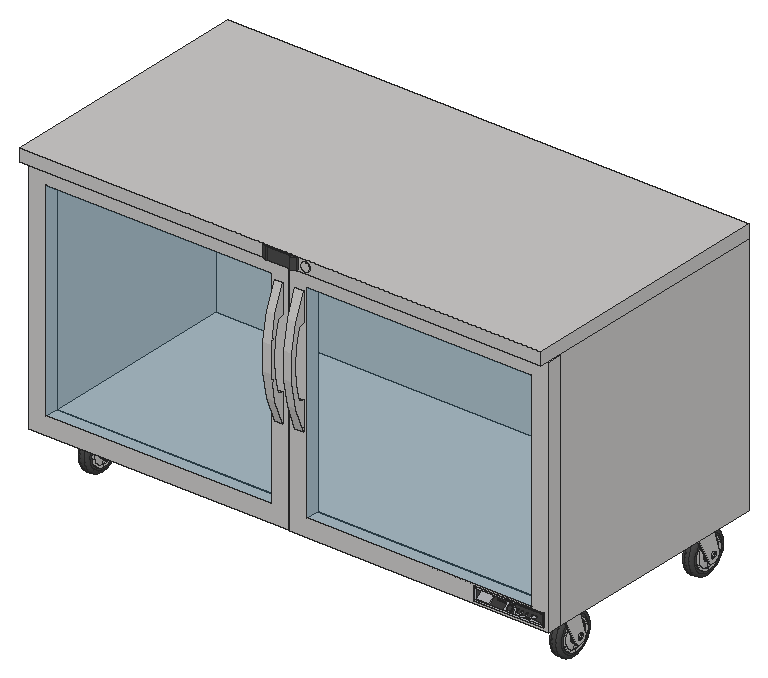
Revit family "QF_TRUE_TUC-60G-HC~FGD01", category Specialty Equipment, Revit 2015
Parameters
  Weight in Pounds = 350
  Watts = FL Amps * Volts  # 460 W
  Volts = 115 V
  URL Manufacturer = "www.truemfg.com"
  URL = "www.truemfg.com"
  Type Mark [instance] = ""
  Status [instance] = ""
  Specification by User [instance] = ""
  Specification by Manufacturer = ""
  Show Seismic Flanged [instance] = no
  Show Low Profile Model [instance] = no
  Show Logo [instance] = yes
  Show Clearance [instance] = yes
  Show ADA Compliant Model [instance] = no
  Show 6 Inches Legs [instance] = no
  Show Default Model [instance] = if(or(Show 6 Inches Legs, Show 2.5 Inches Casters), or(or(Show Low Profile Model, Show ADA Compliant Model), and(Show 6 Inches Legs, Show 2.5 Inches Casters), and(Show 2.5 Inches Casters, Show Seismic Flanged)), if(or(Show Low Profile Model, Show ADA Compliant Model), or(Show Seismic Flanged, and(Show Low Profile Model, Show ADA Compliant Model)), not(Show Seismic Flanged)))  # yes
  Show 2.5 Inches Casters [instance] = no
  Serial Number = ""
  Seismic Rating = ""
  SMACNA No = ""
  Revision Code [instance] = ""
  Phase = 1
  Omniclass Number and Title = ""
  Number of Poles [instance] = 1
  NAFEM Spec ID Number = ""
  Model = "TUC-60G-HC~FGD01"
  Min Ckt Ampacity = 0 A
  Max Overcurrent Protection = 0 A
  MasterSpec. = ""
  Manufacturer = "TRUE"
  Low Profile Model [instance] = and(Show Low Profile Model, not(Show Default Model))  # no
  Length = 60 3/8"
  Item Number [instance] = ""
  Installed By [instance] = ""
  Identify Quantity as Lot [instance] = yes
  Height = 36"
  HP = "1/4"
  Furnished By [instance] = ""
  Foodservice Equipment Identifier [instance] = yes
  FL Amps = 4 A
  Electrical Remarks [instance] = ""
  Electric Connection Type [instance] = ""
  Elec Conn RI Height [instance] = 0"
  Elec Conn Connection Height [instance] = 0"
  Description = "GLASS DOOR REFRIGERATOR WITH HYDROCARBON REFRIGERANT~FRAMED GLASS DOOR VERSION 01"
  Depth = 30 1/8"
  Cycle = 60 Hz
  Conn Plug = "NEMA 5-15P"
  Conn Conduit = yes
  CSI MasterFormat = ""
  CSI Master Format = ""
  Base Height [instance] = if(Show Default Model, 6 1/4", if(Show Low Profile Model, 2 1/8", if(Show Seismic Flanged, 6", if(Show 6 Inches Legs, 6", if(Show 2.5 Inches Casters, 2 1/2", if(Show ADA Compliant Model, 4 1/4", 6 1/4"))))))  # 6 1/4"
  Apparent Power = if(Phase = 3, Volts * FL Amps * 1.73, Volts * FL Amps)  # 460 VA
  ADA Compliant Model [instance] = and(Show ADA Compliant Model, not(Show Default Model))  # no
  6" Seismic Flanged [instance] = and(Show Seismic Flanged, not(Show Default Model))  # no
  6" Legs [instance] = and(or(Show Seismic Flanged, Show 6 Inches Legs), not(Show Default Model))  # no
  2.5" Casters [instance] = and(Show 2.5 Inches Casters, not(Show Default Model))  # no
Reference planes (in)
  plane 1 "BACK": y = -16.5
  plane 2: z = 0
  plane 3 "LEFT": x = 0
  plane 4 "RIGHT": x = 60.375
  plane 5 "FRONT": y = -48.125
  plane 6 "TOP": z = 36
  plane 7: z = 6.25
  plane 8: y = -47.625
  plane 9: y = -17.5
  plane 10: x = 30.1875
Dimensions and locks (in)
  "Length": plane 3 "LEFT" to plane 4 "RIGHT"
  plane 4 "RIGHT" to plane 3 "LEFT" = 60 3/8"
  plane 5 "FRONT" to plane 1 "BACK" = 31 5/8"
  "Base Height": plane 7 to level
  locked: plane 6 "TOP" to plane 7 at 29.75
  plane 6 "TOP" to level = 36"
  equal spacing: plane 3 "LEFT", plane 10, plane 4 "RIGHT"
  plane 5 "FRONT" to plane 8 = 1/2"
  plane 8 to plane 9 to plane 1 "BACK" = 30 1/8", 1"
  plane 4 "RIGHT" to nested 1 to nested 1 = 24 1/2", 13 1/2"
  nested 1 to plane 7 = 1 11/16"
  plane 1 "BACK" to plane 9 to plane 5 "FRONT" = 1", 30 5/8"
  "Depth": plane 9 to plane 8
  aligned and locked: level to plane 2
  aligned and locked: plane 7 to nested 1
Nested families (in)
  nested 1: "TUC-60G-HC-SPEC1" at (0, 0, 2.25), Show Logo <- "Show Logo", Show Clearance <- "Show Clearance", type "TUC-60G-HC-SPEC1"
    with Show Logo yes, Show Clearance yes
  nested 2: "Caster-Legs" at (2.84375, -21.74082, 0), Show Siesmic Flanged <- "6" Seismic Flanged", Show Legs <- "6" Legs", Low Profile <- "Low Profile Model", Show 2.5 Casters <- "2.5" Casters", Show 6" Casters <- "Show Default Model", Show 4" Casters <- "Show ADA Compliant Model", type "Caster-Legs"
    with Type Mark "", Status "", Specification by User "", Show Siesmic Flanged no, Show Legs no, Show 6" Casters yes, Show 5" Casters no, Show 4" Casters no, Show 2.5 Casters no, Revision Code "", Low Profile no, Item Number "", Installed By "", Identify Quantity as Lot yes, Furnished By "", Foodservice Equipment Identifier yes
  nested 3: "Caster-Legs" at (57.53125, -21.74082, 0), Show Siesmic Flanged <- "6" Seismic Flanged", Show Legs <- "6" Legs", Low Profile <- "Low Profile Model", Show 2.5 Casters <- "2.5" Casters", Show 6" Casters <- "Show Default Model", Show 4" Casters <- "Show ADA Compliant Model", type "Caster-Legs"
    with Type Mark "", Status "", Specification by User "", Show Siesmic Flanged no, Show Legs no, Show 6" Casters yes, Show 5" Casters no, Show 4" Casters no, Show 2.5 Casters no, Revision Code "", Low Profile no, Item Number "", Installed By "", Identify Quantity as Lot yes, Furnished By "", Foodservice Equipment Identifier yes
  nested 4: "Caster-Legs" at (57.53125, -41.06531, 0), Show Siesmic Flanged <- "6" Seismic Flanged", Show Legs <- "6" Legs", Low Profile <- "Low Profile Model", Show 2.5 Casters <- "2.5" Casters", Show 6" Casters <- "Show Default Model", Show 4" Casters <- "Show ADA Compliant Model", type "Caster-Legs"
    with Type Mark "", Status "", Specification by User "", Show Siesmic Flanged no, Show Legs no, Show 6" Casters yes, Show 5" Casters no, Show 4" Casters no, Show 2.5 Casters no, Revision Code "", Low Profile no, Item Number "", Installed By "", Identify Quantity as Lot yes, Furnished By "", Foodservice Equipment Identifier yes
  nested 5: "Caster-Legs" at (2.84375, -41.06531, 0), Show Siesmic Flanged <- "6" Seismic Flanged", Show Legs <- "6" Legs", Low Profile <- "Low Profile Model", Show 2.5 Casters <- "2.5" Casters", Show 6" Casters <- "Show Default Model", Show 4" Casters <- "Show ADA Compliant Model", type "Caster-Legs"
    with Type Mark "", Status "", Specification by User "", Show Siesmic Flanged no, Show Legs no, Show 6" Casters yes, Show 5" Casters no, Show 4" Casters no, Show 2.5 Casters no, Revision Code "", Low Profile no, Item Number "", Installed By "", Identify Quantity as Lot yes, Furnished By "", Foodservice Equipment Identifier yes
Connectors (in)
  electrical at (56.87821, -17.5, 12), driven by "Volts", driven by "Watts", driven by "Watts"
    settings: on nested 1, index 2, voltage 115 V, apparent load 460 VA, apparent load phase1 460 VA, apparent load phase2 0 VA, apparent load phase3 0 VA, power factor 1, load classification "Other", number of poles 1, system type 30, power factor state 1, is connector primary yes, connector utility no, sub classification motor no, connector description "ELECTRICAL CONNECTION"
Definition of nested family "TUC-60G-HC-SPEC1"
  Parameters (values of type "TUC-60G-HC-SPEC1")
    URL = ""
    Show Logo [instance] = yes
    Show Clearance [instance] = yes
    Model = ""
    Manufacturer = ""
    Description = ""
    Assembly Code = ""
  Reference planes (in)
    plane 1 "BACK": y = -16.5
    plane 2: z = 0
    plane 3 "LEFT": x = 0
    plane 4 "RIGHT": x = 60.375
    plane 5 "FRONT": y = -48.125
    plane 6 "TOP": z = 33.75
    plane 7: z = 4
    plane 8: y = -47.625
    plane 9: x = 30.1875
    plane 10: y = -75.125
  Forms (in)
    Extrusion 1, solid
      sketch origin (0, -1, -2.25) x (0, 1, 0) y (0, 0, 1)
        loop
          line (-46.625, 36) -> (-46.625, 34.5) -> (-16.5, 34.5) -> (-16.5, 36) -> (-46.625, 36)
      from 0 to 60.375
    Extrusion 2, solid
      sketch origin (0, -1, -2.25) x (0, 1, 0) y (0, 0, 1)
        loop
          line (-43.81701, 34.5) -> (-43.81701, 6.25) -> (-16.5, 6.25) -> (-16.5, 34.5) -> (-43.81701, 34.5)
      from 0 to 60.375
    Extrusion 3, solid
      sketch origin (10.5, -13.375, -2.25) x (1, 0, 0) y (0, 0, 1)
        loop
          line (-10.5, 34.28323) -> (-10.5, 6.25) -> (19.65625, 6.25) -> (19.65625, 34.28323) -> (-10.5, 34.28323)
        loop
          line (-8.5, 32.28323) -> (-8.5, 8.25) -> (17.65625, 8.25) -> (17.65625, 32.28323) -> (-8.5, 32.28323)
      from 31.44201 to 33
    Extrusion 4, solid
      sketch origin (0, -16.5, -2.25) x (1, 0, 0) y (0, 0, 1)
        loop
          line (22.375, 6.25) -> (22.375, 4.5625) -> (35.875, 4.5625) -> (35.875, 6.25) -> (22.375, 6.25)
      from 1.69409 to 27
    Extrusion 5, solid
      sketch origin (-1.16554, -17.5, -2.25) x (1, 0, 0) y (0, 0, 1)
        loop
          circle (58.04375, 12) r 0.25
      from 0 to 0.0625
    Revolve 6, solid
      sketch origin (0, -16.5155, 21) x (1, 0, 0) y (0, 1, 0)
        loop
          line (54.60203, -0.9845) -> (55.07078, -0.9845) -> (55.07078, 0.0155) -> (54.60203, 0.0155) -> (54.60203, -0.9845)
        axis (54.60203, -0.9845) -> (54.60203, 0.0155)
      angle from 0 to 360
    Revolve 7, solid
      sketch origin (-12.93057, -16.5155, 21) x (1, 0, 0) y (0, 1, 0)
        loop
          line (18.64104, -0.9845) -> (19.10979, -0.9845) -> (19.10979, 0.0155) -> (18.64104, 0.0155) -> (18.64104, -0.9845)
        axis (18.64104, -0.9845) -> (18.64104, 0.0155)
      angle from 0 to 360
    Extrusion 8, solid
      sketch origin (-0.09375, -13.375, -2.25) x (1, 0, 0) y (0, 0, 1)
        loop
          line (60.46875, 6.25) -> (60.46875, 34.28323) -> (30.3125, 34.28323) -> (30.3125, 6.25) -> (60.46875, 6.25)
        loop
          line (32.3125, 32.28323) -> (32.3125, 8.25) -> (58.46875, 8.25) -> (58.46875, 32.28323) -> (32.3125, 32.28323)
      from 31.44201 to 33
    Extrusion 9, solid
      sketch origin (32.21875, -13.375, 4) x (0, 0, 1) y (0, -1, 0)
        loop
          line (10.81143, 33) -> (14.16268, 33) -> (14.35491, 33.71738)
          arc (14.35491, 33.71738) -> (18.17297, 34.32288) -> (21.99103, 33.71738) r 12.3404
          line (21.99103, 33.71738) -> (22.18325, 33) -> (25.5345, 33)
          arc (25.5345, 33) -> (18.17297, 34.75) -> (10.81143, 33) r 16.35849
      from -0.32819 to -1.31594
    Extrusion 10, solid
      sketch origin (13.8125, -20.8905, 1.09375) x (1, 0, 0) y (0, 1, 0)
        loop
          line (14.375, -26.7345) -> (14.375, -26.797) -> (14.96937, -27.07416) -> (14.96937, -26.98443) -> (17.78063, -26.98443) -> (17.78063, -27.07416) -> (18.375, -26.797) -> (18.375, -26.7345) -> (14.375, -26.7345)
      from 31.19715 to 32.56396
    Extrusion 11, void
      sketch origin (0, -45.81701, 4.57675) x (0, 0, -1) y (-1, 0, 0)
        loop
          line (-25.45648, -58.375) -> (-1.42325, -58.375) -> (-1.42325, -2) -> (-25.45648, -2) -> (-25.45648, -58.375)
      from 1 to 24
    Extrusion 12, solid
      sketch origin (10.5, -13.375, -2.25) x (1, 0, 0) y (0, 0, 1)
        loop
          line (-8.5, 32.28323) -> (-8.5, 8.25) -> (17.65625, 8.25) -> (17.65625, 32.28323) -> (-8.5, 32.28323)
        loop
          line (21.71875, 32.28323) -> (21.71875, 8.25) -> (47.875, 8.25) -> (47.875, 32.28323) -> (21.71875, 32.28323)
      from 31.44201 to 33
    Extrusion 13, solid
      sketch origin (28.15625, -13.375, 4) x (0, 0, 1) y (0, -1, 0)
        loop
          line (10.81143, 33) -> (14.16268, 33) -> (14.35491, 33.71738)
          arc (14.35491, 33.71738) -> (18.17297, 34.32288) -> (21.99103, 33.71738) r 12.3404
          line (21.99103, 33.71738) -> (22.18325, 33) -> (25.5345, 33)
          arc (25.5345, 33) -> (18.17297, 34.75) -> (10.81143, 33) r 16.35849
      from 0.32813 to 1.31641
    Extrusion 14, solid
      sketch origin (13.8125, -47.625, 32.21475) x (0, 0, 1) y (-1, 0, 0)
        loop
          circle (0.75955, -14.625) r 0.07765
        loop
          circle (0.75955, -18.125) r 0.07765
      from 0 to 0.12219
    Extrusion 15, void
      sketch origin (13.8125, -47.625, 32.21475) x (0, 0, 1) y (-1, 0, 0)
        loop
          circle (0.75955, -14.625) r 0.14952
        loop
          circle (0.75955, -18.125) r 0.14844
      from 0.0625 to 0.33966
    Extrusion 16, solid, not visible
      sketch origin (25, -47.625, 32.21475) x (0, 0, 1) y (-1, 0, 0)
        loop
          circle (0.75955, -2.25) r 0.5
      from 0 to 0.0625
    Extrusion 17, solid
      sketch origin (35.375, -47.625, 32.21475) x (0, 0, 1) y (-1, 0, 0)
        loop
          circle (0.75955, 2.25) r 0.5
      from 0 to 0.0625
    Extrusion 18, solid, visible <- "Show Clearance", detail levels coarse
      sketch origin (17.8682, -36.72639, 0) x (-1, 0, 0) y (0, -1, 0)
        loop
          arc (-12.35055, 9.64861) -> (-21.27444, 30.47027) -> (-42.5068, 38.36736) r 28.75301
          line (-42.5068, 38.36736) -> (-42.5068, 9.64861) -> (-12.35055, 9.64861)
        loop
          line (-12.28805, 9.64861) -> (17.8682, 9.64861) -> (17.8682, 38.36736)
          arc (17.8682, 38.36736) -> (-3.36417, 30.47027) -> (-12.28805, 9.64861) r 28.75301
      from 4 to 32.03323
  Cuts and joins
    Extrusion 11 cuts Extrusion 2
    Extrusion 11 cuts Extrusion 3
    Extrusion 11 cuts Extrusion 8
    Extrusion 15 cuts Extrusion 1
    Extrusion 15 cuts Extrusion 14
  Lines and regions (in)
    Split face 1
      outline origin (28.78187, -47.87493, 1.09375) x (1, 0, 0) y (0, 0, 1)
        loop
          line (0.0625, 32.43896) -> (0.0625, 31.32215) -> (2.74876, 31.32215) -> (2.74876, 32.43896) -> (0.0625, 32.43896)
    Split face 2
      outline origin (28.78187, -47.87493, 1.09375) x (1, 0, 0) y (0, 0, 1)
        loop
          line (0.98784, 32.23087) -> (0.98784, 32.18721) -> (1.20926, 32.18721) -> (1.23924, 32.15722) -> (1.23924, 31.95762) -> (1.20926, 31.92763) -> (1.0198, 31.92763) -> (1.0198, 31.88397) -> (1.20926, 31.88397) -> (1.23924, 31.85398) -> (1.23924, 31.65438) -> (1.20926, 31.62439) -> (0.98784, 31.62439) -> (0.98784, 31.58073) -> (1.22636, 31.58073) -> (1.2829, 31.63727) -> (1.2829, 31.87109) -> (1.24819, 31.9058) -> (1.2829, 31.94051) -> (1.2829, 32.17433) -> (1.22636, 32.23087) -> (0.98784, 32.23087)
    Split face 3
      outline origin (28.78187, -47.87493, 1.09375) x (1, 0, 0) y (0, 0, 1)
        loop
          line (1.4129, 32.23087) -> (1.4129, 32.18721) -> (1.63432, 32.18721) -> (1.66431, 32.15722) -> (1.66431, 31.58073) -> (1.70797, 31.58073) -> (1.70797, 32.17433) -> (1.65143, 32.23087) -> (1.4129, 32.23087)
    Split face 4
      outline origin (25, -47.6875, 32.21475) x (0, 0, 1) y (-1, 0, 0)
        loop
          line (0.79557, -2.07249) -> (0.73885, -2.07249) -> (0.73885, -2.41283) -> (0.79557, -2.41283) -> (0.79557, -2.07249)
    Split face 5
      outline origin (35.375, -47.6875, 32.21475) x (0, 0, 1) y (-1, 0, 0)
        loop
          line (0.79557, 2.07249) -> (0.79557, 2.41283) -> (0.73885, 2.41283) -> (0.73885, 2.07249) -> (0.79557, 2.07249)
    symbolic lines
      curve 1: line (0, -17.5, 0) -> (60.375, -17.5, 0)
      curve 2: line (60.375, -47.625, 0) -> (0, -47.625, 0)
      curve 3: line (60.375, -17.5, 0) -> (60.375, -47.625, 0)
      curve 4: line (6.17922, -16.5, 0) -> (5.24172, -16.5, 0)
      curve 5: line (6.17922, -16.5, 0) -> (6.17922, -17.5, 0)
      curve 6: line (5.24172, -16.5, 0) -> (5.24172, -17.5, 0)
      curve 7: line (54.13328, -16.5, 0) -> (55.07078, -16.5, 0)
      curve 8: line (54.13328, -16.5, 0) -> (54.13328, -17.5, 0)
      curve 9: line (55.07078, -16.5, 0) -> (55.07078, -17.5, 0)
      curve 10: arc (30.24593, -47.625, 0) -> (31.46804, -54.75836, 0) -> (34.43265, -61.36059, 0) r 28.75301
      curve 11: line (59.95544, -47.625, 0) -> (34.43265, -61.36059, 0)
      curve 12: line (0, -17.5, 0) -> (0, -47.625, 0)
      curve 13: arc (30.12907, -47.625, 0) -> (28.90696, -54.75836, 0) -> (25.94235, -61.36059, 0) r 28.75301
      curve 14: line (0.41956, -47.625, 0) -> (25.94235, -61.36059, 0)
      curve 15: line (29.47266, -48.125, 0) -> (28.48437, -48.125, 0)
      curve 16: line (29.47266, -47.625, 0) -> (29.47266, -48.125, 0)
      curve 17: line (28.48437, -47.625, 0) -> (29.47266, -47.625, 0)
      curve 18: line (28.48437, -48.125, 0) -> (28.48437, -47.625, 0)
      curve 19: line (31.89056, -48.125, 0) -> (30.90281, -48.125, 0)
      curve 20: line (31.89056, -47.625, 0) -> (31.89056, -48.125, 0)
      curve 21: line (30.90281, -47.625, 0) -> (31.89056, -47.625, 0)
      curve 22: line (30.90281, -48.125, 0) -> (30.90281, -47.625, 0)
  Dimensions and locks (in)
    plane 3 "LEFT" to plane 4 "RIGHT" = 60 3/8"
    plane 4 "RIGHT" to plane 3 "LEFT" = 60 3/8"
    plane 6 "TOP" to level = 33 3/4"
    plane 5 "FRONT" to plane 1 "BACK" = 31 5/8"  (x2)
    plane 7 to level = 4"
    plane 6 "TOP" to plane 7 = 29 3/4"
    plane 8 to plane 5 "FRONT" = 1/2"
    Extrusion 1 to plane 8 = 30 1/8"
    equal spacing: plane 3 "LEFT", plane 9, plane 4 "RIGHT"
    locked: Extrusion 8 sketch curve to Extrusion 8 sketch curve at 30.15625
    plane 4 "RIGHT" to Extrusion 8 = 0"
    Extrusion 4 to plane 7 = 1 11/16"
    plane 4 "RIGHT" to Extrusion 4 to Extrusion 4 = 24 1/2", 13 1/2"
    cut or joined group of Extrusion 2, Extrusion 11 to plane 1 "BACK" = 1"
    plane 5 "FRONT" to cut or joined group of Extrusion 2, Extrusion 11 = 30 5/8"
    plane 1 "BACK" to plane 10 = 58 5/8"
    aligned and locked: level to plane 2
    aligned and locked: plane 4 "RIGHT" to Extrusion 1
    aligned and locked: Extrusion 1 to plane 3 "LEFT"
  Automatic sketch dimensions
    curve 1 to plane 3 "LEFT" = 0"
    curve 14 to plane 8 = 0"
    plane 1 "BACK" to curve 4 = 0"
    curve 18 to plane 8 = 0"
    plane 5 "FRONT" to curve 18 = 0"
    curve 22 to plane 8 = 0"
    plane 5 "FRONT" to curve 22 = 0"
    plane 1 "BACK" to curve 7 = 0"
    curve 2 to plane 4 "RIGHT" = 0"
    plane 8 to curve 13 = 1 1/4"
    plane 3 "LEFT" to curve 13 = 1.40324"
    plane 3 "LEFT" to curve 4 = 5.24172"
    curve 4 to curve 5 = 15/16"
    plane 9 to curve 14 = 4.24515"
    plane 9 to curve 18 = 1 45/64"
    plane 9 to curve 16 = 183/256"
    curve 22 to plane 9 = 0.71531"
    curve 19 to curve 19 = 0.98776"
    curve 11 to plane 9 = 4.24515"
    curve 7 to plane 4 "RIGHT" = 6.24172"
    curve 7 to curve 7 = 15/16"
    plane 8 to curve 10 = 1 1/4"
    curve 10 to plane 4 "RIGHT" = 1.40324"
    plane 5 "FRONT" to curve 11 = 13.23559"
    curve 11 to curve 14 = 0"
    plane 1 "BACK" to curve 12 = 1"
    plane 3 "LEFT" to curve 14 = 0.41956"
    curve 11 to plane 4 "RIGHT" = 0.41956"
    Extrusion 1 sketch curve to plane 8 = 0"
    Extrusion 1 sketch curve to plane 6 "TOP" = 0"
    plane 1 "BACK" to Extrusion 1 sketch curve = 1"
    Extrusion 1 sketch curve to plane 6 "TOP" = 1 1/2"
    Extrusion 2 sketch curve to plane 7 = 0"
    plane 8 to Extrusion 2 sketch curve = 2.80799"
    plane 1 "BACK" to Extrusion 2 sketch curve = 1"
    Extrusion 2 sketch curve to plane 6 "TOP" = 1 1/2"
    Extrusion 3 sketch curve to plane 3 "LEFT" = 0"
    Extrusion 3 sketch curve to plane 7 = 0"
    plane 3 "LEFT" to Extrusion 3 sketch curve = 2"
    plane 9 to Extrusion 3 sketch curve = 2 1/32"
    plane 9 to Extrusion 3 sketch curve = 1/32"
    plane 7 to Extrusion 3 sketch curve = 2"
    Extrusion 3 sketch curve to plane 6 "TOP" = 3.71677"
    Extrusion 3 sketch curve to plane 6 "TOP" = 1.71677"
    Extrusion 4 sketch curve to plane 7 = 0"
    Extrusion 4 sketch curve to plane 7 = 1 11/16"
    plane 9 to Extrusion 4 sketch curve = 7 13/16"
    Extrusion 4 sketch curve to plane 9 = 5 11/16"
    Extrusion 5 sketch curve to plane 4 "RIGHT" = 3.49679"
    plane 7 to Extrusion 5 sketch curve = 5 3/4"
    plane 1 "BACK" to Revolve 6 sketch curve = 0"  (x2)
    plane 1 "BACK" to Revolve 6 sketch curve = 1"
    Revolve 6 sketch curve to plane 4 "RIGHT" = 5.77297"
    Revolve 6 sketch curve to Revolve 6 sketch curve = 15/32"
    Revolve 6 sketch curve to Revolve 6 sketch curve = 0"
    Revolve 6 sketch curve to plane 1 "BACK" = 1/4"
    plane 1 "BACK" to Revolve 7 sketch curve = 0"
    plane 1 "BACK" to Revolve 7 sketch curve = 1"
    plane 3 "LEFT" to Revolve 7 sketch curve = 5.71047"
    Revolve 7 sketch curve to Revolve 7 sketch curve = 15/32"
    Revolve 7 sketch curve to Revolve 7 sketch curve = 0"
    Revolve 7 sketch curve to Revolve 7 sketch curve = 0.0155"
    Revolve 7 sketch curve to plane 1 "BACK" = 0.2345"
    Extrusion 8 sketch curve to plane 7 = 0"
    Extrusion 8 sketch curve to plane 4 "RIGHT" = 0"
    Extrusion 8 sketch curve to plane 9 = 2 1/32"
    Extrusion 8 sketch curve to plane 4 "RIGHT" = 2"
    plane 7 to Extrusion 8 sketch curve = 2"
    Extrusion 8 sketch curve to plane 6 "TOP" = 3.71677"
    Extrusion 8 sketch curve to plane 6 "TOP" = 1.71677"
    Extrusion 9 sketch curve to Extrusion 8 = 0"  (x2)
    Extrusion 8 to Extrusion 9 sketch curve = 8.81143"
    Extrusion 9 sketch curve to Extrusion 9 sketch curve = 3.35125"
    Extrusion 9 sketch curve to Extrusion 8 = 0.71738"  (x2)
    Extrusion 9 sketch curve to Extrusion 9 sketch curve = 0.19222"  (x2)
    Extrusion 9 sketch curve to Extrusion 8 = 7.86027"
    Extrusion 9 sketch curve to Extrusion 9 sketch curve = 0"
    Extrusion 9 sketch curve to Extrusion 8 = 9.45954"
    Extrusion 9 sketch curve to Extrusion 9 sketch curve = 3.59096"
    Extrusion 10 sketch curve to plane 8 = 0"
    plane 9 to Extrusion 10 sketch curve = 2"
    Extrusion 10 sketch curve to plane 8 = 0.24993"
    Extrusion 10 sketch curve to Extrusion 10 sketch curve = 0.59437"  (x2)
    Extrusion 10 sketch curve to plane 9 = 1.40563"
    Extrusion 10 sketch curve to plane 8 = 1/16"  (x2)
    Extrusion 10 sketch curve to Extrusion 10 sketch curve = 0.08973"  (x2)
    Extrusion 10 to Split face 1 sketch curve = 1/16"  (x2)
    Split face 1 sketch curve to Extrusion 10 = 1/8"  (x2)
    Split face 2 sketch curve to Extrusion 10 = 0.33309"
    Extrusion 10 to Split face 2 sketch curve = 0.98784"
    Split face 2 sketch curve to Split face 2 sketch curve = 0"  (x2)
    Split face 2 sketch curve to Split face 2 sketch curve = 0.03196"
    Split face 2 sketch curve to Extrusion 10 = 0.42724"
    Split face 2 sketch curve to Split face 2 sketch curve = 0.22142"  (x2)
    Split face 2 sketch curve to Split face 2 sketch curve = 0.18946"
    Split face 2 sketch curve to Split face 2 sketch curve = 0.01711"  (x4)
    Split face 2 sketch curve to Extrusion 10 = 0.60634"
    Split face 2 sketch curve to Split face 2 sketch curve = 0.02999"  (x5)
    Split face 2 sketch curve to Split face 2 sketch curve = 0.03894"
    Split face 2 sketch curve to Extrusion 10 = 0.62345"
    Split face 2 sketch curve to Split face 2 sketch curve = 0.04366"  (x4)
    Split face 2 sketch curve to Extrusion 10 = 0.44012"
    Split face 2 sketch curve to Split face 2 sketch curve = 0.02183"
    Split face 2 sketch curve to Split face 2 sketch curve = 0.07365"
    Split face 3 sketch curve to Extrusion 10 = 0.37675"
    Extrusion 10 to Split face 3 sketch curve = 1.39835"
    Split face 3 sketch curve to Split face 3 sketch curve = 0.22142"
    Split face 3 sketch curve to Split face 3 sketch curve = 0.01711"
    Split face 3 sketch curve to Split face 3 sketch curve = 0.02999"  (x2)
    Split face 3 sketch curve to Split face 3 sketch curve = 0.04366"  (x2)
    Split face 3 sketch curve to Split face 3 sketch curve = 0.01288"
    Split face 3 sketch curve to Extrusion 10 = 0.38358"
    Extrusion 11 sketch curve to plane 6 "TOP" = 3.71677"
    plane 7 to Extrusion 11 sketch curve = 2"
    Extrusion 11 sketch curve to plane 4 "RIGHT" = 2"
    plane 3 "LEFT" to Extrusion 11 sketch curve = 2"
    plane 3 "LEFT" to Extrusion 12 sketch curve = 2"
    plane 9 to Extrusion 12 sketch curve = 2 1/32"
    Extrusion 12 sketch curve to plane 9 = 2 1/32"
    Extrusion 12 sketch curve to plane 4 "RIGHT" = 2"
    plane 7 to Extrusion 12 sketch curve = 2"  (x2)
    Extrusion 12 sketch curve to plane 6 "TOP" = 3.71677"  (x2)
    Extrusion 13 sketch curve to Extrusion 12 = 0"  (x2)
    Extrusion 13 sketch curve to Extrusion 12 = 8.81143"
    Extrusion 13 sketch curve to Extrusion 13 sketch curve = 3.35125"
    Extrusion 13 sketch curve to Extrusion 12 = 0.71738"  (x2)
    Extrusion 13 sketch curve to Extrusion 13 sketch curve = 0.19222"  (x2)
    Extrusion 13 sketch curve to Extrusion 12 = 7.86027"
    Extrusion 13 sketch curve to Extrusion 13 sketch curve = 0"
    Extrusion 13 sketch curve to Extrusion 12 = 9.45954"
    Extrusion 13 sketch curve to Extrusion 13 sketch curve = 3.59096"
    Extrusion 14 sketch curve to plane 6 "TOP" = 0.7757"  (x2)
    Extrusion 14 sketch curve to plane 9 = 1 3/4"
    plane 9 to Extrusion 14 sketch curve = 1 3/4"
    Extrusion 15 sketch curve to plane 6 "TOP" = 0.7757"  (x2)
    Extrusion 15 sketch curve to plane 9 = 1 3/4"
    plane 9 to Extrusion 15 sketch curve = 1 3/4"
    Extrusion 16 sketch curve to plane 6 "TOP" = 0.7757"
    plane 9 to Extrusion 16 sketch curve = 2 15/16"
    Split face 4 sketch curve to Split face 4 sketch curve = 0.05672"
    Split face 4 sketch curve to Split face 4 sketch curve = 0.34034"
    Extrusion 17 sketch curve to plane 6 "TOP" = 0.7757"
    Extrusion 17 sketch curve to plane 9 = 2 15/16"
    Split face 5 sketch curve to Split face 5 sketch curve = 0.05672"
    Split face 5 sketch curve to Split face 5 sketch curve = 0.34034"
    Extrusion 18 sketch curve to plane 4 "RIGHT" = 0"
    Extrusion 18 sketch curve to plane 3 "LEFT" = 0"
    Extrusion 18 sketch curve to Extrusion 18 sketch curve = 1.40324"
    Extrusion 18 sketch curve to plane 9 = 1/32"
    plane 9 to Extrusion 18 sketch curve = 1/32"
    plane 3 "LEFT" to Extrusion 18 sketch curve = 1.40324"
    plane 8 to Extrusion 18 sketch curve = 1 1/4"  (x2)
    radius of Extrusion 5 sketch curve = 1/4"
    radius of Extrusion 14 sketch curve = 0.07765"  (x2)
    radius of Extrusion 15 sketch curve = 0.14952"
    radius of Extrusion 15 sketch curve = 19/128"
    radius of Extrusion 16 sketch curve = 1/2"
    radius of Extrusion 17 sketch curve = 1/2"
  Nested families (in)
    nested 1: "QF_LOGO_TRUE" at (51.6875, -46.375, 4.29639), Show Logo <- "Show Logo", type "QF_LOGO_TRUE", detail levels medium+fine
      with Show Logo yes
  Definition of nested family "QF_LOGO_TRUE"
    Parameters (values of type "QF_LOGO_TRUE")
      Show Logo [instance] = yes
    Reference planes (in)
      plane 1 "Center (Front/Back)": y = 0
      plane 2: z = 0
      plane 3 "Center (Left/Right)": x = 0
    Forms (in)
      Extrusion 1, solid, visible <- "Show Logo"
        sketch origin (-78.34647, 34.76905, -30.51001) x (1, 0, 0) y (0, 0, 1)
          loop
            line (81.15226, 31.65456) -> (81.07353, 31.48573) -> (82.12083, 31.48573)
            arc (82.12083, 31.48573) -> (82.14208, 31.44814) -> (82.12083, 31.41055) r 0.04386
            line (82.12083, 31.41055) -> (81.84767, 30.82478)
            arc (81.84767, 30.82478) -> (81.84531, 30.77052) -> (81.882, 30.73048) r 0.07096
            line (81.882, 30.73048) -> (82.55165, 30.73048)
            arc (82.55165, 30.73048) -> (82.63621, 30.75714) -> (82.69019, 30.82748) r 0.14742
            line (82.69019, 30.82748) -> (82.90515, 31.28847) -> (83.10265, 31.28847)
            arc (83.10265, 31.28847) -> (83.15447, 31.26942) -> (83.14697, 31.21472) r 0.04405
            line (83.14697, 31.21472) -> (82.9671, 30.82899)
            arc (82.9671, 30.82899) -> (82.9699, 30.76493) -> (83.02398, 30.73048) r 0.06943
            line (83.02398, 30.73048) -> (83.6124, 30.73048)
            arc (83.6124, 30.73048) -> (83.65748, 30.74689) -> (83.68147, 30.78844) r 0.07014
            arc (83.68147, 30.78844) -> (83.69845, 30.74745) -> (83.73943, 30.73048) r 0.05796
            line (83.73943, 30.73048) -> (84.112, 30.73048)
            arc (84.112, 30.73048) -> (84.15504, 30.74201) -> (84.18655, 30.77352) r 0.08608
            arc (84.18655, 30.77352) -> (84.20164, 30.7371) -> (84.23806, 30.72202) r 0.0515
            line (84.23806, 30.72202) -> (84.76757, 30.72202)
            arc (84.76757, 30.72202) -> (84.81086, 30.73995) -> (84.8288, 30.78324) r 0.06122
            arc (84.8288, 30.78324) -> (84.86848, 30.74355) -> (84.92269, 30.72903) r 0.10842
            line (84.92269, 30.72903) -> (85.91461, 30.72903) -> (86.02479, 30.91987) -> (85.0243, 30.91987)
            arc (85.0243, 30.91987) -> (84.99669, 30.93902) -> (84.99566, 30.97261) r 0.03732
            line (84.99566, 30.97261) -> (85.01297, 31.00972)
            arc (85.01297, 31.00972) -> (85.03954, 31.04453) -> (85.0813, 31.05774) r 0.07263
            line (85.0813, 31.05774) -> (85.40289, 31.05774)
            arc (85.40289, 31.05774) -> (85.4723, 31.07633) -> (85.52311, 31.12715) r 0.13882
            line (85.52311, 31.12715) -> (85.61625, 31.28847)
            arc (85.61625, 31.28847) -> (85.61625, 31.37458) -> (85.54168, 31.41763) r 0.08611
            line (85.54168, 31.41763) -> (85.20227, 31.41763)
            arc (85.20227, 31.41763) -> (85.11574, 31.40294) -> (85.05538, 31.33923) r 0.13863
            line (85.05538, 31.33923) -> (84.89409, 30.99333)
            arc (84.89409, 30.99333) -> (84.84649, 30.9313) -> (84.77191, 30.90778) r 0.13002
            line (84.77191, 30.90778) -> (84.41984, 30.90778)
            arc (84.41984, 30.90778) -> (84.3777, 30.95378) -> (84.38042, 31.0161) r 0.08151
            line (84.38042, 31.0161) -> (84.56766, 31.41763) -> (84.44849, 31.41763) -> (84.25012, 30.99222)
            arc (84.25012, 30.99222) -> (84.21158, 30.94199) -> (84.15119, 30.92296) r 0.10527
            line (84.15119, 30.92296) -> (83.90842, 30.92296)
            arc (83.90842, 30.92296) -> (83.8674, 30.97642) -> (83.87619, 31.04323) r 0.08805
            line (83.87619, 31.04323) -> (84.05078, 31.41763) -> (83.92772, 31.41763) -> (83.72676, 30.98668)
            arc (83.72676, 30.98668) -> (83.68011, 30.94003) -> (83.61639, 30.92296) r 0.12745
            line (83.61639, 30.92296) -> (83.26484, 30.92296)
            arc (83.26484, 30.92296) -> (83.2017, 30.9524) -> (83.19563, 31.0218) r 0.06967
            line (83.19563, 31.0218) -> (83.31118, 31.26961) -> (83.47452, 31.26961)
            arc (83.47452, 31.26961) -> (83.50209, 31.35268) -> (83.56075, 31.41763) r 0.21289
            line (83.56075, 31.41763) -> (82.92244, 31.41763)
            arc (82.92244, 31.41763) -> (82.85151, 31.40191) -> (82.80242, 31.34834) r 0.12081
            line (82.80242, 31.34834) -> (82.6294, 30.9773)
            arc (82.6294, 30.9773) -> (82.58962, 30.93752) -> (82.53528, 30.92296) r 0.10869
            line (82.53528, 30.92296) -> (82.1542, 30.92296)
            arc (82.1542, 30.92296) -> (82.12446, 30.96315) -> (82.13012, 31.01283) r 0.06822
            line (82.13012, 31.01283) -> (82.38156, 31.48573) -> (83.01596, 31.48573) -> (83.09469, 31.65456) -> (82.46029, 31.65456) -> (82.53902, 31.8234) -> (82.31334, 31.8234) -> (82.23461, 31.65456) -> (81.15226, 31.65456)
          loop
            arc (85.15937, 31.26434) -> (85.13191, 31.25698) -> (85.1118, 31.23688) r 0.05494
            line (85.1118, 31.23688) -> (85.09547, 31.18665)
            arc (85.09547, 31.18665) -> (85.10304, 31.16837) -> (85.12133, 31.16079) r 0.02586
            line (85.12133, 31.16079) -> (85.39889, 31.16079)
            arc (85.39889, 31.16079) -> (85.41888, 31.16523) -> (85.43513, 31.1777) r 0.04731
            line (85.43513, 31.1777) -> (85.44863, 31.2402)
            arc (85.44863, 31.2402) -> (85.44466, 31.25693) -> (85.42914, 31.26434) r 0.01994
            line (85.42914, 31.26434) -> (85.15937, 31.26434)
          loop
            line (78.62961, 30.74125) -> (80.12032, 30.74125) -> (80.73891, 31.81268) -> (79.2482, 31.81268) -> (78.62961, 30.74125)
        from 34.76797 to 34.83173
      Extrusion 2, solid, visible <- "Show Logo"
        sketch origin (-142.84857, 34.75108, -33.3546) x (1, 0, 0) y (0, 0, 1)
          loop
            line (150.81107, 34.71978) -> (142.98607, 34.71978) -> (142.98607, 33.4921) -> (150.81107, 33.4921) -> (150.81107, 34.71978)
        from 34.75108 to 34.78125
      Extrusion 3, solid, visible <- "Show Logo"
        sketch origin (-142.84857, 34.75108, -33.3546) x (1, 0, 0) y (0, 0, 1)
          loop
            line (150.94857, 34.85727) -> (142.84857, 34.85727) -> (142.84857, 33.3546) -> (150.94857, 33.3546) -> (150.94857, 34.85727)
          loop
            line (142.98607, 34.71978) -> (142.98607, 33.4921) -> (150.81107, 33.4921) -> (150.81107, 34.71978) -> (142.98607, 34.71978)
        from 34.75108 to 34.81376
      Extrusion 4, solid, not visible
        sketch origin (121.45701, -16.5, 4.98235) x (1, 0, 0) y (0, 0, 1)
          loop
            line (25.20115, 35.89949) -> (25.20115, 33.96647) -> (30.95381, 33.96647) -> (30.95381, 35.89949) -> (25.20115, 35.89949)
        from 31.5 to 31.54261
      Extrusion 5, solid, not visible
        sketch origin (121.45701, -16.5, 4.98235) x (1, 0, 0) y (0, 0, 1)
          loop
            line (26.7387, 34.95472) -> (26.61492, 34.49276) -> (27.038, 34.49276)
            arc (27.038, 34.49276) -> (27.13117, 34.52484) -> (27.18485, 34.60749) r 0.15134
            arc (27.18485, 34.60749) -> (27.20396, 34.68138) -> (27.22435, 34.75493) r 4.37326
            arc (27.22435, 34.75493) -> (27.23458, 34.81765) -> (27.22435, 34.88037) r 0.1974
            arc (27.22435, 34.88037) -> (27.18247, 34.93579) -> (27.11563, 34.95472) r 0.10914
            line (27.11563, 34.95472) -> (26.7387, 34.95472)
          loop
            line (26.90201, 34.80638) -> (26.84645, 34.59903) -> (26.92855, 34.59903)
            arc (26.92855, 34.59903) -> (26.98205, 34.6185) -> (27.01051, 34.6678) r 0.08322
            line (27.01051, 34.6678) -> (27.02399, 34.74424)
            arc (27.02399, 34.74424) -> (27.01491, 34.78454) -> (26.97985, 34.80638) r 0.05353
            line (26.97985, 34.80638) -> (26.90201, 34.80638)
          loop
            line (27.45336, 34.66131) -> (27.76233, 34.66131) -> (27.78859, 34.73909)
            arc (27.78859, 34.73909) -> (27.7878, 34.82039) -> (27.73107, 34.87864) r 0.10925
            arc (27.73107, 34.87864) -> (27.68233, 34.8944) -> (27.63139, 34.89974) r 0.24595
            line (27.63139, 34.89974) -> (27.46708, 34.89974)
            arc (27.46708, 34.89974) -> (27.4068, 34.88073) -> (27.3535, 34.84677) r 0.2421
            arc (27.3535, 34.84677) -> (27.2897, 34.76363) -> (27.26702, 34.66131) r 0.2421
            line (27.26702, 34.66131) -> (27.26702, 34.54477)
            arc (27.26702, 34.54477) -> (27.31618, 34.4956) -> (27.38334, 34.47761) r 0.13431
            line (27.38334, 34.47761) -> (27.59054, 34.47761)
            arc (27.59054, 34.47761) -> (27.63459, 34.48281) -> (27.67622, 34.49812) r 0.18924
            line (27.67622, 34.49812) -> (27.73102, 34.61563)
            arc (27.73102, 34.61563) -> (27.68453, 34.59565) -> (27.63566, 34.58252) r 0.35376
            arc (27.63566, 34.58252) -> (27.55885, 34.56956) -> (27.48204, 34.58252) r 0.23415
            arc (27.48204, 34.58252) -> (27.44492, 34.61362) -> (27.45336, 34.66131) r 0.04838
          loop
            line (27.4842, 34.73042) -> (27.62012, 34.73042) -> (27.62621, 34.76496)
            arc (27.62621, 34.76496) -> (27.58961, 34.80242) -> (27.53739, 34.80638) r 0.0742
            arc (27.53739, 34.80638) -> (27.49747, 34.77773) -> (27.4842, 34.73042) r 0.0742
          loop
            line (27.91616, 34.97572) -> (27.78675, 34.49276) -> (27.98645, 34.49276) -> (28.11586, 34.97572) -> (27.91616, 34.97572)
          loop
            line (28.13678, 34.66131) -> (28.08755, 34.47761) -> (28.27134, 34.47761) -> (28.32056, 34.66131) -> (28.43674, 34.66131) -> (28.47974, 34.78864) -> (28.36519, 34.78864)
            arc (28.36519, 34.78864) -> (28.35733, 34.81649) -> (28.36921, 34.84288) r 0.04231
            arc (28.36921, 34.84288) -> (28.431, 34.8652) -> (28.49617, 34.85686) r 0.13988
            line (28.49617, 34.85686) -> (28.53544, 34.97317)
            arc (28.53544, 34.97317) -> (28.39725, 34.99096) -> (28.25905, 34.97317) r 0.54546
            arc (28.25905, 34.97317) -> (28.20849, 34.91994) -> (28.18197, 34.85147) r 0.1894
            line (28.18197, 34.85147) -> (28.17089, 34.78864) -> (28.11397, 34.78864) -> (28.07985, 34.66131) -> (28.13678, 34.66131)
          loop
            arc (28.74846, 34.89756) -> (28.65884, 34.88533) -> (28.56922, 34.89756) r 0.33455
            line (28.56922, 34.89756) -> (28.45669, 34.47761) -> (28.63593, 34.47761) -> (28.74846, 34.89756)
          loop
            arc (28.60398, 35.01195) -> (28.57699, 34.97173) -> (28.60398, 34.9315) r 0.04347
            line (28.60398, 34.9315) -> (28.75755, 34.9315)
            arc (28.75755, 34.9315) -> (28.78645, 34.96687) -> (28.77911, 35.01195) r 0.0556
            line (28.77911, 35.01195) -> (28.60398, 35.01195)
          loop
            line (28.95336, 34.66131) -> (29.26233, 34.66131) -> (29.28859, 34.73909)
            arc (29.28859, 34.73909) -> (29.2878, 34.82039) -> (29.23107, 34.87864) r 0.10925
            arc (29.23107, 34.87864) -> (29.18233, 34.8944) -> (29.13139, 34.89974) r 0.24595
            line (29.13139, 34.89974) -> (28.96708, 34.89974)
            arc (28.96708, 34.89974) -> (28.9068, 34.88073) -> (28.8535, 34.84677) r 0.2421
            arc (28.8535, 34.84677) -> (28.7897, 34.76363) -> (28.76702, 34.66131) r 0.2421
            line (28.76702, 34.66131) -> (28.76702, 34.54477)
            arc (28.76702, 34.54477) -> (28.81618, 34.4956) -> (28.88334, 34.47761) r 0.13431
            line (28.88334, 34.47761) -> (29.09054, 34.47761)
            arc (29.09054, 34.47761) -> (29.13459, 34.48281) -> (29.17622, 34.49812) r 0.18924
            line (29.17622, 34.49812) -> (29.23102, 34.61563)
            arc (29.23102, 34.61563) -> (29.18453, 34.59565) -> (29.13566, 34.58252) r 0.35376
            arc (29.13566, 34.58252) -> (29.05885, 34.56956) -> (28.98204, 34.58252) r 0.23415
            arc (28.98204, 34.58252) -> (28.94492, 34.61362) -> (28.95336, 34.66131) r 0.04838
          loop
            line (28.9842, 34.73042) -> (29.12012, 34.73042) -> (29.12621, 34.76496)
            arc (29.12621, 34.76496) -> (29.08961, 34.80242) -> (29.03739, 34.80638) r 0.0742
            arc (29.03739, 34.80638) -> (28.99747, 34.77773) -> (28.9842, 34.73042) r 0.0742
          loop
            line (29.41616, 34.97572) -> (29.28675, 34.49276) -> (29.48645, 34.49276) -> (29.61586, 34.97572) -> (29.41616, 34.97572)
          loop
            line (29.99836, 34.97572) -> (29.95192, 34.80242)
            arc (29.95192, 34.80242) -> (29.94473, 34.85705) -> (29.90102, 34.89059) r 0.07199
            arc (29.90102, 34.89059) -> (29.80023, 34.89941) -> (29.70251, 34.87322) r 0.29131
            arc (29.70251, 34.87322) -> (29.61806, 34.7652) -> (29.5896, 34.63108) r 0.30433
            line (29.5896, 34.63108) -> (29.5896, 34.55572)
            arc (29.5896, 34.55572) -> (29.61075, 34.50463) -> (29.66184, 34.48348) r 0.07224
            line (29.66184, 34.48348) -> (29.78537, 34.48348)
            arc (29.78537, 34.48348) -> (29.83854, 34.51313) -> (29.88504, 34.55243) r 0.31609
            line (29.88504, 34.55243) -> (29.86905, 34.49276) -> (30.05973, 34.49276) -> (30.18914, 34.97572) -> (29.99836, 34.97572)
          loop
            arc (29.84537, 34.75931) -> (29.79424, 34.71128) -> (29.77745, 34.64317) r 0.12371
            arc (29.77745, 34.64317) -> (29.80071, 34.59901) -> (29.85056, 34.59647) r 0.05045
            arc (29.85056, 34.59647) -> (29.90141, 34.64047) -> (29.92536, 34.7033) r 0.13769
            arc (29.92536, 34.7033) -> (29.90211, 34.75521) -> (29.84537, 34.75931) r 0.05543
          loop
            line (26.45047, 35.26762) -> (26.58211, 35.26762)
            arc (26.58211, 35.26762) -> (26.60467, 35.30821) -> (26.62126, 35.35157) r 0.3277
            arc (26.62126, 35.35157) -> (26.62714, 35.39992) -> (26.60877, 35.44503) r 0.09693
            arc (26.60877, 35.44503) -> (26.56454, 35.48868) -> (26.50462, 35.50516) r 0.12312
            arc (26.50462, 35.50516) -> (26.44158, 35.50565) -> (26.37854, 35.50546) r 5.76967
            arc (26.37854, 35.50546) -> (26.07462, 35.42923) -> (25.81045, 35.26076) r 0.97743
            line (25.81045, 35.26076) -> (25.85921, 35.26076)
            arc (25.85921, 35.26076) -> (26.08494, 35.39361) -> (26.3396, 35.45485) r 0.88817
            arc (26.3396, 35.45485) -> (26.41429, 35.44188) -> (26.47267, 35.39352) r 0.14748
            arc (26.47267, 35.39352) -> (26.48041, 35.32725) -> (26.45047, 35.26762) r 0.11636
          loop
            arc (26.35412, 35.17841) -> (26.19578, 35.0555) -> (26.00982, 34.98069) r 0.72453
            arc (26.00982, 34.98069) -> (25.9036, 34.95581) -> (25.79459, 34.9604) r 0.40201
            arc (25.79459, 34.9604) -> (25.7275, 34.98819) -> (25.69972, 35.05528) r 0.09488
            arc (25.69972, 35.05528) -> (25.71867, 35.12629) -> (25.77049, 35.17841) r 0.1425
            line (25.77049, 35.17841) -> (25.73665, 35.18748)
            arc (25.73665, 35.18748) -> (25.67632, 35.09876) -> (25.66924, 34.99171) r 0.20432
            arc (25.66924, 34.99171) -> (25.71443, 34.9227) -> (25.79473, 34.90384) r 0.11116
            arc (25.79473, 34.90384) -> (25.91172, 34.89904) -> (26.02716, 34.91862) r 0.56145
            arc (26.02716, 34.91862) -> (26.27675, 35.021) -> (26.49584, 35.17841) r 1.15683
            line (26.49584, 35.17841) -> (26.35412, 35.17841)
        from 31.54261 to 31.56272
    Dimensions and locks (in)
      aligned and locked: level to plane 2
      aligned and locked: Extrusion 2 to Extrusion 3  (x2)
      aligned and locked: Extrusion 2 sketch curve to Extrusion 3
Definition of nested family "Caster-Legs"
  Parameters
    Weight = ""
    URL Manufacturer = ""
    URL Cutsheet = ""
    URL = ""
    Type Mark [instance] = ""
    Status [instance] = ""
    Specification by User [instance] = ""
    Specification by Manufacturer = ""
    Show Siesmic Flanged [instance] = yes
    Show Legs [instance] = yes
    Show 6" Casters [instance] = yes
    Show 5" Casters [instance] = yes
    Show 4" Casters [instance] = yes
    Show 2.5 Casters [instance] = yes
    Serial Number = ""
    Seismic Rating = ""
    SMACNA No = ""
    Revision Code [instance] = ""
    Omniclass Number and Title = ""
    NAFEM Spec ID Number = ""
    Model = ""
    MasterSpec. = ""
    Manufacturer = ""
    Low Profile [instance] = yes
    Item Number [instance] = ""
    Installed By [instance] = ""
    Identify Quantity as Lot [instance] = yes
    Furnished By [instance] = ""
    Foodservice Equipment Identifier [instance] = yes
    Description = ""
    CSI MasterFormat = ""
    CSI Master Format = ""
    Assembly Code = ""
  Reference planes (in)
    plane 1: z = 0
    plane 2 "RIGHT": x = 0
    plane 3 "FRONT": y = 0
    plane 4 "TOP": z = 6
    plane 5: z = 2.125
    plane 6: z = 2.5
    plane 7: z = 6.25
  Forms (in)
    Revolve 1, solid, visible <- "Show Legs"
      sketch origin (11.12172, 0, 0) x (-1, 0, 0) y (0, 0, -1)
        loop
          line (11.12172, -6) -> (11.12172, 0) -> (10.62172, 0) -> (10.62172, -1.30261) -> (10.37172, -1.30261) -> (10.37172, -6) -> (11.12172, -6)
        axis (11.12172, 0) -> (11.12172, -6)
      angle from 0 to 360
    Extrusion 2, solid, visible <- "Show Siesmic Flanged"
      sketch origin (0, 0, 0) x (1, 0, 0) y (0, 1, 0)
        loop
          circle (-0.00825, 0) r 1
      from 0 to 0.125
  Dimensions and locks (in)
    plane 4 "TOP" to level = 6"  (x2)
    locked: Revolve 1 sketch curve to Revolve 1 sketch curve at 1.30261
    locked: Revolve 1 sketch curve to Revolve 1 sketch curve at 0.75
    nested 1 to level = 2 1/2"
    nested 2 to level = 5"
    plane 6 to plane 1 = 2 1/2"
    plane 5 to plane 1 = 2 1/8"
    plane 7 to plane 1 = 6 1/4"
    aligned and locked: level to plane 1
  Nested families (in)
    nested 1: "C2.5" at (-0.0625, -0.86941, 0), 2.5 Inches Caster <- "Show 2.5 Casters", type "C2.5"
      with Type Mark "", Status "", Specification by User "", Revision Code "", Item Number "", Installed By "", Identify Quantity as Lot yes, Furnished By "", Foodservice Equipment Identifier yes, 2.5 Inches Caster yes
    nested 2: "PITCO_5 INCHES CASTER" at (0, 0, 0), Show Casters <- "Show 5" Casters", type "PITCO_5 INCHES CASTER"
      with Type Mark "", Status "", Specification by User "", Show Casters yes, Revision Code "", Item Number "", Installed By "", Identify Quantity as Lot yes, Furnished By "", Foodservice Equipment Identifier yes
    nested 3: "2.13" at (0, 0, 0), 2.5 Inches Caster <- "Low Profile", type "2.13"
      with Type Mark "", Status "", Specification by User "", Revision Code "", Item Number "", Installed By "", Identify Quantity as Lot yes, Furnished By "", Foodservice Equipment Identifier yes, 2.5 Inches Caster yes
    nested 4: "C4" at (0, 0, 0), Show 4 Inches Casters <- "Show 4" Casters", type "C4"
      with Type Mark "", Specification by User "", Show 4 Inches Casters yes, Revision Code "", Item Number "", Installed By "", Identify Quantity as Lot yes, Furnished By "", Foodservice Equipment Identifier yes
    nested 5: "6 Inches Leg & Caster" at (0, 0, 0), Show Casters <- "Show 6" Casters", type "6 Inches Leg & Caster"
      with Type Mark "", Status "", Specification by User "", Show Casters yes, Revision Code "", Item Number "", Installed By "", Identify Quantity as Lot yes, Furnished By "", Foodservice Equipment Identifier yes
  Definition of nested family "C2.5"
    Parameters
      Weight = ""
      URL Manufacturer = ""
      URL Cutsheet = ""
      URL = ""
      Type Mark [instance] = ""
      Status [instance] = ""
      Specification by User [instance] = ""
      Specification by Manufacturer = ""
      Serial Number = ""
      Seismic Rating = ""
      SMACNA No = ""
      Revision Code [instance] = ""
      Omniclass Number and Title = ""
      NAFEM Spec ID Number = ""
      Model = ""
      MasterSpec. = ""
      Manufacturer = ""
      Item Number [instance] = ""
      Installed By [instance] = ""
      Identify Quantity as Lot [instance] = yes
      Furnished By [instance] = ""
      Foodservice Equipment Identifier [instance] = yes
      Description = ""
      CSI MasterFormat = ""
      CSI Master Format = ""
      Assembly Code = ""
      2.5 Inches Caster [instance] = yes
    Reference planes (in)
      plane 1: z = 0
      plane 2 "RIGHT": x = 0
      plane 3 "FRONT": y = 0
      plane 4 "TOP": z = 2.5
    Forms (in)
      Revolve 1, solid, visible <- "2.5 Inches Caster"
        sketch origin (-1.93794, 0.83816, -1.0041) x (1, 0, 0) y (0, 0, 1)
          loop
            line (0.74055, 1.92597) -> (0.74055, 1.85047) -> (0.79055, 1.80047) -> (0.85055, 1.80047) -> (0.85055, 1.6804) -> (1.235, 1.6804) -> (1.235, 1.61305) -> (1.38673, 1.52545) -> (1.4003, 1.4416) -> (1.34375, 1.4416) -> (1.34375, 1.3166) -> (1.375, 1.3166) -> (1.375, 1.0041) -> (2.48438, 1.0041) -> (2.48438, 1.3166) -> (2.51563, 1.3166) -> (2.51563, 1.4416) -> (2.45908, 1.4416) -> (2.47322, 1.52897) -> (2.62438, 1.61624) -> (2.62438, 1.6804) -> (3.04007, 1.6804) -> (3.04007, 1.80047) -> (3.10007, 1.80047) -> (3.15007, 1.85047) -> (3.15007, 1.92597) -> (0.74055, 1.92597)
          axis (0.74055, 1.92597) -> (3.15007, 1.92597)
        angle from 0 to 360
      Extrusion 2, solid, visible <- "2.5 Inches Caster"
        sketch origin (-1.93794, 1.80294, -3.2541) x (0, 1, 0) y (0, 0, 1)
          loop
            line (-0.64294, 5.43229) -> (-0.64294, 5.55298) -> (-2.21294, 5.55298) -> (-2.21294, 5.30272) -> (-1.81966, 5.30272)
            arc (-1.81966, 5.30272) -> (-1.13638, 5.20789) -> (-0.46376, 5.05475) r 8.02767
            arc (-0.46376, 5.05475) -> (-0.19511, 4.95469) -> (0.05138, 4.80832) r 1.60049
            line (0.05138, 4.80832) -> (0.12713, 4.91318)
            arc (0.12713, 4.91318) -> (-0.07255, 5.06376) -> (-0.29048, 5.18644) r 1.8753
            line (-0.29048, 5.18644) -> (-0.22239, 5.30423)
            arc (-0.22239, 5.30423) -> (-0.42776, 5.38437) -> (-0.64294, 5.43229) r 1.44292
        from 1.17357 to 2.70231
      Revolve 3, solid, visible <- "2.5 Inches Caster"
        sketch origin (0, 2.10856, -3.75) x (0, 1, 0) y (0, 0, 1)
          loop
            line (-1.73858, 6.25) -> (-1.73858, 6.04889) -> (-1.05793, 6.04889) -> (-1.05793, 6.25) -> (-1.73858, 6.25)
          axis (-1.73858, 6.04889) -> (-1.73858, 6.25)
        angle from 0 to 360
      Extrusion 4, solid, visible <- "2.5 Inches Caster"
        sketch origin (-1.98481, 1.80294, -1.7541) x (0, 1, 0) y (0, 0, 1)
          loop
            line (-2.21294, 4.05298) -> (-2.21294, 3.80272) -> (-2.13999, 3.80272)
            arc (-2.13999, 3.80272) -> (-1.62379, 3.51899) -> (-1.39241, 2.97729) r 0.90292
            arc (-1.39241, 2.97729) -> (-1.36136, 2.78161) -> (-1.29729, 2.59413) r 1.15385
            arc (-1.29729, 2.59413) -> (-0.94802, 2.37355) -> (-0.6121, 2.61396) r 0.37001
            arc (-0.6121, 2.61396) -> (-0.59625, 2.66241) -> (-0.58446, 2.712) r 0.61695
            arc (-0.58446, 2.712) -> (-0.36134, 3.11665) -> (0.05609, 3.31484) r 0.75313
            line (0.05609, 3.31484) -> (0.12713, 3.41318)
            arc (0.12713, 3.41318) -> (-0.07255, 3.56376) -> (-0.29048, 3.68644) r 1.8753
            line (-0.29048, 3.68644) -> (-0.22239, 3.80423)
            arc (-0.22239, 3.80423) -> (-0.42776, 3.88437) -> (-0.64294, 3.93229) r 1.44292
            line (-0.64294, 3.93229) -> (-0.64294, 4.05298) -> (-2.21294, 4.05298)
        from 2.74918 to 2.90825
      Extrusion 5, solid, visible <- "2.5 Inches Caster"
        sketch origin (1.98481, 1.80294, -1.7541) x (0, 1, 0) y (0, 0, -1)
          loop
            line (-2.21294, -4.05298) -> (-0.64294, -4.05298) -> (-0.64294, -3.93229)
            arc (-0.64294, -3.93229) -> (-0.42776, -3.88437) -> (-0.22239, -3.80423) r 1.44292
            line (-0.22239, -3.80423) -> (-0.29048, -3.68644)
            arc (-0.29048, -3.68644) -> (-0.07255, -3.56376) -> (0.12713, -3.41318) r 1.8753
            line (0.12713, -3.41318) -> (0.05609, -3.31484)
            arc (0.05609, -3.31484) -> (-0.36134, -3.11665) -> (-0.58446, -2.712) r 0.75313
            arc (-0.58446, -2.712) -> (-0.59625, -2.66241) -> (-0.6121, -2.61396) r 0.61695
            arc (-0.6121, -2.61396) -> (-0.94802, -2.37355) -> (-1.29729, -2.59413) r 0.37001
            arc (-1.29729, -2.59413) -> (-1.36136, -2.78161) -> (-1.39241, -2.97729) r 1.15385
            arc (-1.39241, -2.97729) -> (-1.62379, -3.51899) -> (-2.13999, -3.80272) r 0.90292
            line (-2.13999, -3.80272) -> (-2.21294, -3.80272) -> (-2.21294, -4.05298)
        from 2.74918 to 2.90825
    Lines and regions (in)
      symbolic lines, visible <- "2.5 Inches Caster"
        curve 1: line (0.10651, 1.96132, 0) -> (0.80944, 1.55548, 0)
        curve 2: line (-0.89349, 0.22927, 0) -> (0.10651, 1.96132, 0)
        curve 3: line (-0.19056, -0.17657, 0) -> (-0.89349, 0.22927, 0)
        curve 4: line (0.80944, 1.55548, 0) -> (-0.19056, -0.17657, 0)
    Dimensions and locks (in)
      plane 4 "TOP" to level = 2 1/2"  (x2)
      aligned and locked: level to plane 1
  Definition of nested family "PITCO_5 INCHES CASTER"
    Parameters
      Weight = ""
      URL Manufacturer = ""
      URL Cutsheet = ""
      URL = ""
      Type Mark [instance] = ""
      Status [instance] = ""
      Specification by User [instance] = ""
      Specification by Manufacturer = ""
      Show Casters [instance] = yes
      Rubber = none
      Chrome = none
      Serial Number = ""
      Seismic Rating = ""
      SMACNA No = ""
      Revision Code [instance] = ""
      Omniclass Number and Title = ""
      NAFEM Spec ID Number = ""
      Model = ""
      MasterSpec. = ""
      Manufacturer = ""
      Item Number [instance] = ""
      Installed By [instance] = ""
      Identify Quantity as Lot [instance] = yes
      Furnished By [instance] = ""
      Foodservice Equipment Identifier [instance] = yes
      Description = ""
      CSI MasterFormat = ""
      CSI Master Format = ""
      Assembly Code = ""
    Reference planes (in)
      plane 1: z = 0
      plane 2 "RIGHT": x = 0
      plane 3 "FRONT": y = 0
      plane 4 "TOP": z = 5
    Forms (in)
      Revolve 1, solid, visible <- "Show Casters"
        sketch origin (-180, 1.0625, -34.67466) x (0, 0, -1) y (-1, 0, 0)
          loop
            line (-34.67466, -180.64009) -> (-34.67466, -179.35991) -> (-35.17466, -179.35991) -> (-35.17466, -179.48491) -> (-35.42466, -179.48491) -> (-35.42466, -179.64009) -> (-36.48519, -179.60306) -> (-36.48519, -178.85852) -> (-36.5316, -178.85852) -> (-36.5316, -178.71719) -> (-36.70591, -178.71719) -> (-36.70591, -181.28281) -> (-36.5316, -181.28281) -> (-36.5316, -181.14148) -> (-36.48519, -181.14148) -> (-36.48519, -180.39694) -> (-35.42466, -180.35991) -> (-35.42466, -180.51509) -> (-35.17466, -180.51509) -> (-35.17466, -180.64009) -> (-34.67466, -180.64009)
          axis (-36.70591, -181.28281) -> (-36.70591, -178.71719)
        angle from 0 to 360
      Extrusion 2, solid, visible <- "Show Casters"
        sketch origin (0, 0, -1.11142) x (0, -1, 0) y (1, 0, 0)
          loop
            circle (0, 0) r 1.5
        from 5.61142 to 6.11142
      Extrusion 3, solid, visible <- "Show Casters"
        sketch origin (0, 0, 0.289) x (0, -1, 0) y (0, 0, 1)
          loop
            line (1.42156, 3.86198) -> (1.46208, 3.86198) -> (1.43155, 4.211) -> (-1.43155, 4.211)
            arc (-1.43155, 4.211) -> (-1.62474, 4.13098) -> (-1.70476, 3.93778) r 0.27322
            line (-1.70476, 3.93778) -> (-1.70476, 3.78861) -> (-2.9559, 3.78861) -> (-3.22419, 3.39085)
            arc (-3.22419, 3.39085) -> (-3.23009, 3.27831) -> (-3.1335, 3.22027) r 0.1094
            line (-3.1335, 3.22027) -> (-2.16626, 3.22027) -> (-1.76351, 2.11371) -> (-1.82446, 1.68005)
            arc (-1.82446, 1.68005) -> (-1.73191, 1.41127) -> (-1.46007, 1.32816) r 0.31307
            line (-1.46007, 1.32816) -> (-0.60834, 1.47835)
            arc (-0.60834, 1.47835) -> (-0.50841, 1.51771) -> (-0.43181, 1.59299) r 0.26936
            line (-0.43181, 1.59299) -> (0.91808, 3.59427)
            arc (0.91808, 3.59427) -> (1.13645, 3.7909) -> (1.42156, 3.86198) r 0.60732
        from 0.84601 to 1.05998
      Extrusion 4, solid, visible <- "Show Casters"
        sketch origin (0, 0, -0.82242) x (0, -1, 0) y (0, 0, -1)
          loop
            line (1.43155, -5.32242) -> (1.46208, -4.9734) -> (1.42156, -4.9734)
            arc (1.42156, -4.9734) -> (1.13645, -4.90232) -> (0.91808, -4.70569) r 0.60732
            line (0.91808, -4.70569) -> (-0.43181, -2.70441)
            arc (-0.43181, -2.70441) -> (-0.50841, -2.62913) -> (-0.60834, -2.58977) r 0.26936
            line (-0.60834, -2.58977) -> (-1.46007, -2.43958)
            arc (-1.46007, -2.43958) -> (-1.73191, -2.52269) -> (-1.82446, -2.79147) r 0.31307
            line (-1.82446, -2.79147) -> (-1.76351, -3.22513) -> (-2.16626, -4.33169) -> (-3.1335, -4.33169)
            arc (-3.1335, -4.33169) -> (-3.23009, -4.38973) -> (-3.22419, -4.50227) r 0.1094
            line (-3.22419, -4.50227) -> (-2.9559, -4.90003) -> (-1.70476, -4.90003) -> (-1.70476, -5.0492)
            arc (-1.70476, -5.0492) -> (-1.62474, -5.2424) -> (-1.43155, -5.32242) r 0.27322
            line (-1.43155, -5.32242) -> (1.43155, -5.32242)
        from 0.84601 to 1.05998
      Extrusion 5, solid, visible <- "Show Casters"
        sketch origin (0, -1.51336, -0.05999) x (0, -1, 0) y (1, 0, 0)
          loop
            line (-2.75201, 0.84601) -> (-4.80631, 0.84601) -> (-5.87734, 0.65974)
            arc (-5.87734, 0.65974) -> (-5.95829, 0.61319) -> (-5.99028, 0.52546) r 0.13629
            line (-5.99028, 0.52546) -> (-5.99028, -0.52546)
            arc (-5.99028, -0.52546) -> (-5.95829, -0.61319) -> (-5.87734, -0.65974) r 0.13629
            line (-5.87734, -0.65974) -> (-4.80631, -0.84601) -> (-2.75201, -0.84601) -> (-2.75201, 0.84601)
        from 4.1376 to 4.55999
    Lines and regions (in)
      symbolic lines, visible <- "Show Casters"
        curve 1: line (0.70901, 2.6399, 0) -> (1.79507, 2.01286, 0)
        curve 2: line (-1.79099, -1.69023, 0) -> (0.70901, 2.6399, 0)
        curve 3: line (-0.70493, -2.31727, 0) -> (-1.79099, -1.69023, 0)
        curve 4: line (1.79507, 2.01286, 0) -> (-0.70493, -2.31727, 0)
    Dimensions and locks (in)
      plane 4 "TOP" to level = 5"  (x2)
      aligned and locked: level to plane 1
  Definition of nested family "2.13"
    Parameters
      Weight = ""
      URL Manufacturer = ""
      URL Cutsheet = ""
      URL = ""
      Type Mark [instance] = ""
      Status [instance] = ""
      Specification by User [instance] = ""
      Specification by Manufacturer = ""
      Serial Number = ""
      Seismic Rating = ""
      SMACNA No = ""
      Revision Code [instance] = ""
      Omniclass Number and Title = ""
      NAFEM Spec ID Number = ""
      Model = ""
      MasterSpec. = ""
      Manufacturer = ""
      Item Number [instance] = ""
      Installed By [instance] = ""
      Identify Quantity as Lot [instance] = yes
      Furnished By [instance] = ""
      Foodservice Equipment Identifier [instance] = yes
      Description = ""
      CSI MasterFormat = ""
      CSI Master Format = ""
      Assembly Code = ""
      2.5 Inches Caster [instance] = yes
    Reference planes (in)
      plane 1: z = 0
      plane 2 "RIGHT": x = 0
      plane 3 "FRONT": y = 0
      plane 4 "TOP": z = 2.125
